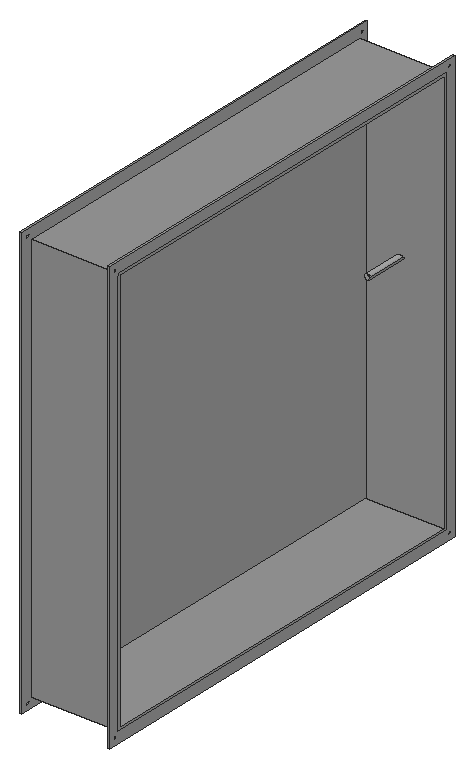
Revit family "КПДУ", category Арматура воздуховодов, Revit 2021
Family settings
  Размер круглого соединителя = Использовать диаметр
  Тип детали = Присоединяется
  На основе рабочей плоскости = Нет
  Всегда вертикально = Да
  При загрузке вырезать с полостями = Нет
  Общий = Нет
Parameters (values of type "КПДУ-950х950-2-ПВ24-СН")
  Размещение привода (снаружи) = yes
  Размещение привода (внутри) = no
  Отметка по умолчанию = 0 mm
  Количество створок = "4"
  Два фланца = yes
  Hn = H + 10 mm  # 960 mm
  H3 = H / 2 - 100 mm  # 375 mm
  H2 = 1010 mm
  Вес = "30.8 кг"
  H1 = 980 mm
  Bn = B + 10 mm  # 960 mm
  B3 = B1 / 2  # 490 mm
  B2 = 1010 mm
  Voltage = 24 V
  Power = 18 VA
  Maximum Air Flow = 0.0 L/s
  Maintenance zone material = none
  Load Classification = "HVAC"
  H = 950 mm
  Grid Material = Cover Grid Cross
  B1 = 980 mm
  B = 950 mm
  Air Flow [instance] = 0.0 L/s
  09_System_Name [instance] = ""
  00_20_Type = "КПДУ-950х950-2-ПВ24-СН"
  00_20_Name = "Клапан протипожежний димовий"
  00_20_Manufacturer = "Вентс"  # constant formula
Types (185, lengths in mm): name | Размещение привода (снаружи) | Размещение привода (внутри) | Количество створок | Два фланца | Hn | H3 | H2 | Вес | H1 | Bn | B3 | B2 | Voltage | Power | H | B1 | B | 00_20_Type
  (no name) | yes | no | "4" | yes | 960 | 375 | 1010 | "30.8 кг" | 980 | 960 | 490 | 1010 | 24 V | 18 VA | 950 | 980 | 950 | "КПДУ-950х950-2-ПВ24-СН"
  КПДУ-300х300-2-ПВ24-СН | yes | no | "1" | yes | 310 | 50 | 340 | "6.5 кг" | 320 | 310 | 160 | 340 | 24 V | 9 VA | 300 | 320 | 300 | "КПДУ-300х300-2-ПВ24-СН"
  КПДУ-1400х1400-2-ПВ24-СН | yes | no | "5" | yes | 1410 | 600 | 1460 | "52 кг" | 1430 | 1410 | 715 | 1460 | 24 V | 18 VA | 1400 | 1430 | 1400 | "КПДУ-1400х1400-2-ПВ24-СН"
  КПДУ-300х300-1-ПВ24-СН | yes | no | "1" | no | 310 | 50 | 340 | "6.5 кг" | 320 | 310 | 160 | 340 | 24 V | 9 VA | 300 | 320 | 300 | "КПДУ-300х300-1-ПВ24-СН"
  КПДУ-1400х1400-1-ПВ24-СН | yes | no | "5" | no | 1410 | 600 | 1460 | "52 кг" | 1430 | 1410 | 715 | 1460 | 24 V | 18 VA | 1400 | 1430 | 1400 | "КПДУ-1400х1400-1-ПВ24-СН"
  КПДУ-300х300-1-ПВ24-ВН | no | yes | "1" | no | 310 | 50 | 340 | "6.5 кг" | 320 | 310 | 160 | 340 | 24 V | 9 VA | 300 | 320 | 300 | "КПДУ-300х300-1-ПВ24-ВН"
  КПДУ-300х300-2-ПВ24-ВН | no | yes | "1" | yes | 310 | 50 | 340 | "6.5 кг" | 320 | 310 | 160 | 340 | 24 V | 9 VA | 300 | 320 | 300 | "КПДУ-300х300-2-ПВ24-ВН"
  КПДУ-1400х1400-1-ПВ24-ВН | no | yes | "5" | no | 1410 | 600 | 1460 | "52 кг" | 1430 | 1410 | 715 | 1460 | 24 V | 18 VA | 1400 | 1430 | 1400 | "КПДУ-1400х1400-1-ПВ24-ВН"
  КПДУ-1400х1400-2-ПВ24-ВН | no | yes | "5" | yes | 1410 | 600 | 1460 | "52 кг" | 1430 | 1410 | 715 | 1460 | 24 V | 18 VA | 1400 | 1430 | 1400 | "КПДУ-1400х1400-2-ПВ24-ВН"
  КПДУ-300х300-1-ПВ230-ВН | no | yes | "1" | no | 310 | 50 | 340 | "6.5 кг" | 320 | 310 | 160 | 340 | 230 V | 12 VA | 300 | 320 | 300 | "КПДУ-300х300-1-ПВ230-ВН"
  КПДУ-300х300-1-ПВ230-СН | yes | no | "1" | no | 310 | 50 | 340 | "6.5 кг" | 320 | 310 | 160 | 340 | 230 V | 12 VA | 300 | 320 | 300 | "КПДУ-300х300-1-ПВ230-СН"
  КПДУ-300х300-2-ПВ230-ВН | no | yes | "1" | yes | 310 | 50 | 340 | "6.5 кг" | 320 | 310 | 160 | 340 | 230 V | 12 VA | 300 | 320 | 300 | "КПД-300х300-2-ПВ230-ВН"
  КПДУ-300х300-2-ПВ230-СН | yes | no | "1" | yes | 310 | 50 | 340 | "6.5 кг" | 320 | 310 | 160 | 340 | 230 V | 12 VA | 300 | 320 | 300 | "КПДУ-300х300-2-ПВ230-СН"
  КПДУ-1400х1400-1-ПВ230-ВН | no | yes | "5" | no | 1410 | 600 | 1460 | "52 кг" | 1430 | 1410 | 715 | 1460 | 230 V | 15 VA | 1400 | 1430 | 1400 | "КПДУ-1400х1400-1-ПВ230-ВН"
  КПДУ-1400х1400-1-ПВ230-СН | yes | no | "5" | no | 1410 | 600 | 1460 | "52 кг" | 1430 | 1410 | 715 | 1460 | 230 V | 15 VA | 1400 | 1430 | 1400 | "КПДУ-1400х1400-1-ПВ230-СН"
  КПДУ-1400х1400-2-ПВ230-ВН | no | yes | "5" | yes | 1410 | 600 | 1460 | "52 кг" | 1430 | 1410 | 715 | 1460 | 230 V | 15 VA | 1400 | 1430 | 1400 | "КПДУ-1400х1400-2-ПВ230-ВН"
  КПДУ-1400х1400-2-ПВ230-СН | yes | no | "5" | yes | 1410 | 600 | 1460 | "52 кг" | 1430 | 1410 | 715 | 1460 | 230 V | 15 VA | 1400 | 1430 | 1400 | "КПДУ-1400х1400-2-ПВ230-СН"
  КПДУ-350х350-1-ПВ230-ВН | no | yes | "1" | no | 360 | 75 | 390 | "7.8 кг" | 370 | 360 | 185 | 390 | 230 V | 12 VA | 350 | 370 | 350 | "КПДУ-350х350-1-ПВ230-ВН"
  КПДУ-350х350-1-ПВ230-СН | yes | no | "1" | no | 360 | 75 | 390 | "7.8 кг" | 370 | 360 | 185 | 390 | 230 V | 12 VA | 350 | 370 | 350 | "КПДУ-350х350-1-ПВ230-СН"
  КПДУ-350х350-1-ПВ24-ВН | no | yes | "1" | no | 360 | 75 | 390 | "7.8 кг" | 370 | 360 | 185 | 390 | 24 V | 9 VA | 350 | 370 | 350 | "КПДУ-350х350-1-ПВ24-ВН"
  КПДУ-350х350-1-ПВ24-СН | yes | no | "1" | no | 360 | 75 | 390 | "7.8 кг" | 370 | 360 | 185 | 390 | 24 V | 9 VA | 350 | 370 | 350 | "КПДУ-350х350-1-ПВ24-СН"
  КПДУ-350х350-2-ПВ230-ВН | no | yes | "1" | yes | 360 | 75 | 390 | "7.8 кг" | 370 | 360 | 185 | 390 | 230 V | 12 VA | 350 | 370 | 350 | "КПДУ-350х350-2-ПВ230-ВН"
  КПДУ-350х350-2-ПВ230-СН | yes | no | "1" | yes | 360 | 75 | 390 | "7.8 кг" | 370 | 360 | 185 | 390 | 230 V | 12 VA | 350 | 370 | 350 | "КПДУ-350х350-2-ПВ230-СН"
  КПДУ-350х350-2-ПВ24-ВН | no | yes | "1" | yes | 360 | 75 | 390 | "7.8 кг" | 370 | 360 | 185 | 390 | 24 V | 9 VA | 350 | 370 | 350 | "КПДУ-350х350-2-ПВ24-ВН"
  КПДУ-350х350-2-ПВ24-СН | yes | no | "1" | yes | 360 | 75 | 390 | "7.8 кг" | 370 | 360 | 185 | 390 | 24 V | 9 VA | 350 | 370 | 350 | "КПДУ-350х350-2-ПВ24-СН"
  КПДУ-400х400-1-ПВ230-ВН | no | yes | "2" | no | 410 | 100 | 440 | "9.5 кг" | 420 | 410 | 210 | 440 | 230 V | 12 VA | 400 | 420 | 400 | "КПДУ-400х400-1-ПВ230-ВН"
  КПДУ-400х400-1-ПВ230-СН | yes | no | "2" | no | 410 | 100 | 440 | "9.5 кг" | 420 | 410 | 210 | 440 | 230 V | 12 VA | 400 | 420 | 400 | "КПДУ-400х400-1-ПВ230-СН"
  КПДУ-400х400-1-ПВ24-СН | yes | no | "2" | no | 410 | 100 | 440 | "9.5 кг" | 420 | 410 | 210 | 440 | 24 V | 9 VA | 400 | 420 | 400 | "КПДУ-400х400-1-ПВ24-СН"
  КПДУ-400х400-1-ПВ24-ВН | no | yes | "2" | no | 410 | 100 | 440 | "9.5 кг" | 420 | 410 | 210 | 440 | 24 V | 9 VA | 400 | 420 | 400 | "КПДУ-400х400-1-ПВ24-ВН"
  КПДУ-400х400-2-ПВ230-ВН | no | yes | "2" | yes | 410 | 100 | 440 | "9.5 кг" | 420 | 410 | 210 | 440 | 230 V | 12 VA | 400 | 420 | 400 | "КПДУ-400х400-2-ПВ230-ВН"
  КПДУ-400х400-2-ПВ230-СН | yes | no | "2" | yes | 410 | 100 | 440 | "9.5 кг" | 420 | 410 | 210 | 440 | 230 V | 12 VA | 400 | 420 | 400 | "КПДУ-400х400-2-ПВ230-СН"
  КПДУ-400х400-2-ПВ24-ВН | no | yes | "2" | yes | 410 | 100 | 440 | "9.5 кг" | 420 | 410 | 210 | 440 | 24 V | 9 VA | 400 | 420 | 400 | "КПДУ-400х400-2-ПВ24-ВН"
  КПДУ-400х400-2-ПВ24-СН | yes | no | "2" | yes | 410 | 100 | 440 | "9.5 кг" | 420 | 410 | 210 | 440 | 24 V | 9 VA | 400 | 420 | 400 | "КПДУ-400х400-2-ПВ24-СН"
  КПДУ-450х450-1-ПВ230-ВН | no | yes | "2" | no | 460 | 125 | 490 | "11.3 кг" | 470 | 460 | 235 | 490 | 230 V | 12 VA | 450 | 470 | 450 | "КПДУ-450х450-1-ПВ230-ВН"
  КПДУ-450х450-1-ПВ230-СН | yes | no | "2" | no | 460 | 125 | 490 | "11.3 кг" | 470 | 460 | 235 | 490 | 230 V | 12 VA | 450 | 470 | 450 | "КПДУ-450х450-1-ПВ230-СН"
  КПДУ-450х450-1-ПВ24-ВН | no | yes | "2" | no | 460 | 125 | 490 | "11.3 кг" | 470 | 460 | 235 | 490 | 24 V | 9 VA | 450 | 470 | 450 | "КПДУ-450х450-1-ПВ24-ВН"
  КПДУ-450х450-1-ПВ24-СН | yes | no | "2" | no | 460 | 125 | 490 | "11.3 кг" | 470 | 460 | 235 | 490 | 24 V | 9 VA | 450 | 470 | 450 | "КПДУ-450х450-1-ПВ24-СН"
  КПДУ-450х450-2-ПВ230-ВН | no | yes | "2" | yes | 460 | 125 | 490 | "11.3 кг" | 470 | 460 | 235 | 490 | 230 V | 12 VA | 450 | 470 | 450 | "КПДУ-450х450-2-ПВ230-ВН"
  КПДУ-450х450-2-ПВ230-СН | yes | no | "2" | yes | 460 | 125 | 490 | "11.3 кг" | 470 | 460 | 235 | 490 | 230 V | 12 VA | 450 | 470 | 450 | "КПДУ-450х450-2-ПВ230-СН"
  КПДУ-450х450-2-ПВ24-ВН | no | yes | "2" | yes | 460 | 125 | 490 | "11.3 кг" | 470 | 460 | 235 | 490 | 24 V | 9 VA | 450 | 470 | 450 | "КПДУ-450х450-2-ПВ24-ВН"
  КПДУ-450х450-2-ПВ24-СН | yes | no | "2" | yes | 460 | 125 | 490 | "11.3 кг" | 470 | 460 | 235 | 490 | 24 V | 9 VA | 450 | 470 | 450 | "КПДУ-450х450-2-ПВ24-СН"
  КПДУ-500х500-1-ПВ230-ВН | no | yes | "2" | no | 510 | 150 | 540 | "12.1 кг" | 520 | 510 | 260 | 540 | 230 V | 12 VA | 500 | 520 | 500 | "КПДУ-500х500-1-ПВ230-ВН"
  КПДУ-500х500-1-ПВ230-СН | yes | no | "2" | no | 510 | 150 | 540 | "12.1 кг" | 520 | 510 | 260 | 540 | 230 V | 12 VA | 500 | 520 | 500 | "КПДУ-500х500-1-ПВ230-СН"
  КПДУ-500х500-1-ПВ24-ВН | no | yes | "2" | no | 510 | 150 | 540 | "12.1 кг" | 520 | 510 | 260 | 540 | 24 V | 9 VA | 500 | 520 | 500 | "КПДУ-500х500-1-ПВ24-ВН"
  КПДУ-500х500-1-ПВ24-СН | yes | no | "2" | no | 510 | 150 | 540 | "12.1 кг" | 520 | 510 | 260 | 540 | 24 V | 9 VA | 500 | 520 | 500 | "КПДУ-500х500-1-ПВ24-СН"
  КПДУ-500х500-2-ПВ230-ВН | no | yes | "2" | yes | 510 | 150 | 540 | "12.1 кг" | 520 | 510 | 260 | 540 | 230 V | 12 VA | 500 | 520 | 500 | "КПДУ-500х500-2-ПВ230-ВН"
  КПДУ-500х500-2-ПВ230-СН | yes | no | "2" | yes | 510 | 150 | 540 | "12.1 кг" | 520 | 510 | 260 | 540 | 230 V | 12 VA | 500 | 520 | 500 | "КПДУ-500х500-2-ПВ230-СН"
  КПДУ-500х500-2-ПВ24-ВН | no | yes | "2" | yes | 510 | 150 | 540 | "12.1 кг" | 520 | 510 | 260 | 540 | 24 V | 9 VA | 500 | 520 | 500 | "КПДУ-500х500-2-ПВ24-ВН"
  КПДУ-500х500-2-ПВ24-СН | yes | no | "2" | yes | 510 | 150 | 540 | "12.1 кг" | 520 | 510 | 260 | 540 | 24 V | 9 VA | 500 | 520 | 500 | "КПДУ-500х500-2-ПВ24-СН"
  КПДУ-550х550-1-ПВ230-ВН | no | yes | "2" | no | 560 | 175 | 610 | "14.2 кг" | 580 | 560 | 290 | 610 | 230 V | 15 VA | 550 | 580 | 550 | "КПДУ-550х550-1-ПВ230-ВН"
  КПДУ-550х550-1-ПВ230-СН | yes | no | "2" | no | 560 | 175 | 610 | "14.2 кг" | 580 | 560 | 290 | 610 | 230 V | 15 VA | 550 | 580 | 550 | "КПДУ-550х550-1-ПВ230-СН"
  КПДУ-550х550-1-ПВ24-ВН | no | yes | "2" | no | 560 | 175 | 610 | "14.2 кг" | 580 | 560 | 290 | 610 | 24 V | 18 VA | 550 | 580 | 550 | "КПДУ-550х550-1-ПВ24-ВН"
  КПДУ-550х550-1-ПВ24-СН | yes | no | "2" | no | 560 | 175 | 610 | "14.2 кг" | 580 | 560 | 290 | 610 | 24 V | 18 VA | 550 | 580 | 550 | "КПДУ-550х550-1-ПВ24-СН"
  КПДУ-550х550-2-ПВ230-ВН | no | yes | "2" | yes | 560 | 175 | 610 | "14.2 кг" | 580 | 560 | 290 | 610 | 230 V | 15 VA | 550 | 580 | 550 | "КПДУ-550х550-2-ПВ230-ВН"
  КПДУ-550х550-2-ПВ230-СН | yes | no | "У" | yes | 560 | 175 | 610 | "14.2 кг" | 580 | 560 | 290 | 610 | 230 V | 15 VA | 550 | 580 | 550 | "КПДУ-550х550-2-ПВ230-СН"
  КПДУ-550х550-2-ПВ24-ВН | no | yes | "2" | yes | 560 | 175 | 610 | "14.2 кг" | 580 | 560 | 290 | 610 | 24 V | 18 VA | 550 | 580 | 550 | "КПДУ-550х550-2-ПВ24-ВН"
  КПДУ-550х550-2-ПВ24-СН | yes | no | "2" | yes | 560 | 175 | 610 | "14.2 кг" | 580 | 560 | 290 | 610 | 24 V | 18 VA | 550 | 580 | 550 | "КПДУ-550х550-2-ПВ24-СН"
  КПДУ-600х600-1-ПВ230-ВН | no | yes | "3" | no | 610 | 200 | 660 | "17 кг" | 630 | 610 | 315 | 660 | 230 V | 15 VA | 600 | 630 | 600 | "КПДУ-600х600-1-ПВ230-ВН"
  КПДУ-600х600-1-ПВ230-СН | yes | no | "3" | no | 610 | 200 | 660 | "17 кг" | 630 | 610 | 315 | 660 | 230 V | 15 VA | 600 | 630 | 600 | "КПДУ-600х600-1-ПВ230-СН"
  КПДУ-600х600-1-ПВ24-ВН | no | yes | "3" | no | 610 | 200 | 660 | "17 кг" | 630 | 610 | 315 | 660 | 24 V | 18 VA | 600 | 630 | 600 | "КПДУ-600х600-1-ПВ24-ВН"
  КПДУ-600х600-1-ПВ24-СН | yes | no | "3" | no | 610 | 200 | 660 | "17 кг" | 630 | 610 | 315 | 660 | 24 V | 18 VA | 600 | 630 | 600 | "КПДУ-600х600-1-ПВ24-СН"
  КПДУ-600х600-2-ПВ230-ВН | no | yes | "3" | yes | 610 | 200 | 660 | "17 кг" | 630 | 610 | 315 | 660 | 230 V | 15 VA | 600 | 630 | 600 | "КПДУ-600х600-2-ПВ230-ВН"
  КПДУ-600х600-2-ПВ230-СН | yes | no | "3" | yes | 610 | 200 | 660 | "17 кг" | 630 | 610 | 315 | 660 | 230 V | 15 VA | 600 | 630 | 600 | "КПДУ-600х600-2-ПВ230-СН"
  КПДУ-600х600-2-ПВ24-ВН | no | yes | "3" | yes | 610 | 200 | 660 | "17 кг" | 630 | 610 | 315 | 660 | 24 V | 18 VA | 600 | 630 | 600 | "КПДУ-600х600-2-ПВ24-ВН"
  КПДУ-600х600-2-ПВ24-СН | yes | no | "3" | yes | 610 | 200 | 660 | "17 кг" | 630 | 610 | 315 | 660 | 24 V | 18 VA | 600 | 630 | 600 | "КПДУ-600х600-2-ПВ24-СН"
  КПДУ-650х650-1-ПВ230-ВН | no | yes | "3" | no | 660 | 225 | 710 | "19 кг" | 680 | 660 | 340 | 710 | 230 V | 15 VA | 650 | 680 | 650 | "КПДУ-650х650-1-ПВ230-ВН"
  КПДУ-650х650-1-ПВ230-СН | yes | no | "3" | no | 660 | 225 | 710 | "19 кг" | 680 | 660 | 340 | 710 | 230 V | 15 VA | 650 | 680 | 650 | "КПДУ-650х650-1-ПВ230-СН"
  КПДУ-650х650-1-ПВ24-ВН | no | yes | "3" | no | 660 | 225 | 710 | "19 кг" | 680 | 660 | 340 | 710 | 24 V | 18 VA | 650 | 680 | 650 | "КПДУ-650х650-1-ПВ24-ВН"
  КПДУ-650х650-1-ПВ24-СН | yes | no | "3" | no | 660 | 225 | 710 | "19 кг" | 680 | 660 | 340 | 710 | 24 V | 18 VA | 650 | 680 | 650 | "КПДУ-650х650-1-ПВ24-СН"
  КПДУ-650х650-2-ПВ230-ВН | no | yes | "3" | yes | 660 | 225 | 710 | "19 кг" | 680 | 660 | 340 | 710 | 230 V | 15 VA | 650 | 680 | 650 | "КПДУ-650х650-2-ПВ230-ВН"
  КПДУ-650х650-2-ПВ230-СН | yes | no | "3" | yes | 660 | 225 | 710 | "19 кг" | 680 | 660 | 340 | 710 | 230 V | 15 VA | 650 | 680 | 650 | "КПДУ-650х650-2-ПВ230-СН"
  КПДУ-650х650-2-ПВ24-ВН | no | yes | "3" | yes | 660 | 225 | 710 | "19 кг" | 680 | 660 | 340 | 710 | 24 V | 18 VA | 650 | 680 | 650 | "КПДУ-650х650-2-ПВ24-ВН"
  КПДУ-650х650-2-ПВ24-СН | yes | no | "3" | yes | 660 | 225 | 710 | "19 кг" | 680 | 660 | 340 | 710 | 24 V | 18 VA | 650 | 680 | 650 | "КПДУ-650х650-2-ПВ24-СН"
  КПДУ-700х700-1-ПВ230-ВН | no | yes | "3" | no | 710 | 250 | 760 | "20.3 кг" | 730 | 710 | 365 | 760 | 230 V | 15 VA | 700 | 730 | 700 | "КПДУ-700х700-1-ПВ230-ВН"
  КПДУ-700х700-1-ПВ230-СН | yes | no | "3" | no | 710 | 250 | 760 | "20.3 кг" | 730 | 710 | 365 | 760 | 230 V | 15 VA | 700 | 730 | 700 | "КПДУ-700х700-1-ПВ230-СН"
  КПДУ-700х700-1-ПВ24-ВН | no | yes | "3" | no | 710 | 250 | 760 | "20.3 кг" | 730 | 710 | 365 | 760 | 24 V | 18 VA | 700 | 730 | 700 | "КПДУ-700х700-1-ПВ24-ВН"
  КПДУ-700х700-1-ПВ24-СН | yes | no | "3" | no | 710 | 250 | 760 | "20.3 кг" | 730 | 710 | 365 | 760 | 24 V | 18 VA | 700 | 730 | 700 | "КПДУ-700х700-1-ПВ24-СН"
  КПДУ-700х700-2-ПВ230-ВН | no | yes | "3" | yes | 710 | 250 | 760 | "20.3 кг" | 730 | 710 | 365 | 760 | 230 V | 15 VA | 700 | 730 | 700 | "КПДУ-700х700-2-ПВ230-ВН"
  КПДУ-700х700-2-ПВ230-СН | yes | no | "3" | yes | 710 | 250 | 760 | "20.3 кг" | 730 | 710 | 365 | 760 | 230 V | 15 VA | 700 | 730 | 700 | "КПДУ-700х700-2-ПВ230-СН"
  КПДУ-700х700-2-ПВ24-ВН | no | yes | "3" | yes | 710 | 250 | 760 | "20.3 кг" | 730 | 710 | 365 | 760 | 24 V | 18 VA | 700 | 730 | 700 | "КПДУ-700х700-2-ПВ24-ВН"
  КПДУ-700х700-2-ПВ24-СН | yes | no | "3" | yes | 710 | 250 | 760 | "20.3 кг" | 730 | 710 | 365 | 760 | 24 V | 18 VA | 700 | 730 | 700 | "КПДУ-700х700-2-ПВ24-СН"
  КПДУ-750х750-1-ПВ230-ВН | no | yes | "3" | no | 760 | 275 | 810 | "22.1 кг" | 780 | 760 | 390 | 810 | 230 V | 15 VA | 750 | 780 | 750 | "КПДУ-750х750-1-ПВ230-ВН"
  КПДУ-750х750-1-ПВ230-СН | yes | no | "3" | no | 760 | 275 | 810 | "22.1 кг" | 780 | 760 | 390 | 810 | 230 V | 15 VA | 750 | 780 | 750 | "КПДУ-750х750-1-ПВ230-СН"
  КПДУ-750х750-1-ПВ24-ВН | no | yes | "3" | no | 760 | 275 | 810 | "22.1 кг" | 780 | 760 | 390 | 810 | 24 V | 18 VA | 750 | 780 | 750 | "КПДУ-750х750-1-ПВ24-ВН"
  КПДУ-750х750-1-ПВ24-СН | yes | no | "3" | no | 760 | 275 | 810 | "22.1 кг" | 780 | 760 | 390 | 810 | 24 V | 18 VA | 750 | 780 | 750 | "КПДУ-750х750-1-ПВ24-СН"
  КПДУ-750х750-2-ПВ230-ВН | no | yes | "3" | yes | 760 | 275 | 810 | "22.1 кг" | 780 | 760 | 390 | 810 | 230 V | 15 VA | 750 | 780 | 750 | "КПДУ-750х750-2-ПВ230-ВН"
  КПДУ-750х750-2-ПВ230-СН | yes | no | "3" | yes | 760 | 275 | 810 | "22.1 кг" | 780 | 760 | 390 | 810 | 230 V | 15 VA | 750 | 780 | 750 | "КПДУ-750х750-2-ПВ230-СН"
  КПДУ-750х750-2-ПВ24-ВН | no | yes | "3" | yes | 760 | 275 | 810 | "22.1 кг" | 780 | 760 | 390 | 810 | 24 V | 18 VA | 750 | 780 | 750 | "КПДУ-750х750-2-ПВ24-ВН"
  КПДУ-750х750-2-ПВ24-СН | yes | no | "3" | yes | 760 | 275 | 810 | "22.1 кг" | 780 | 760 | 390 | 810 | 24 V | 18 VA | 750 | 780 | 750 | "КПДУ-750х750-2-ПВ24-СН"
  КПДУ-800х800-1-ПВ230-ВН | no | yes | "4" | no | 810 | 300 | 860 | "24.8 кг" | 830 | 810 | 415 | 860 | 230 V | 15 VA | 800 | 830 | 800 | "КПДУ-800х800-1-ПВ230-ВН"
  КПДУ-800х800-1-ПВ230-СН | yes | no | "4" | no | 810 | 300 | 860 | "24.8 кг" | 830 | 810 | 415 | 860 | 230 V | 15 VA | 800 | 830 | 800 | "КПДУ-800х800-1-ПВ230-СН"
  КПДУ-800х800-1-ПВ24-ВН | no | yes | "4" | no | 810 | 300 | 860 | "24.8 кг" | 830 | 810 | 415 | 860 | 24 V | 18 VA | 800 | 830 | 800 | "КПДУ-800х800-1-ПВ24-ВН"
  КПДУ-800х800-1-ПВ24-СН | yes | no | "4" | no | 810 | 300 | 860 | "24.8 кг" | 830 | 810 | 415 | 860 | 24 V | 18 VA | 800 | 830 | 800 | "КПДУ-800х800-1-ПВ24-СН"
  КПДУ-800х800-2-ПВ230-ВН | no | yes | "4" | yes | 810 | 300 | 860 | "24.8 кг" | 830 | 810 | 415 | 860 | 230 V | 15 VA | 800 | 830 | 800 | "КПДУ-800х800-2-ПВ230-ВН"
  КПДУ-800х800-2-ПВ230-СН | yes | no | "4" | yes | 810 | 300 | 860 | "24.8 кг" | 830 | 810 | 415 | 860 | 230 V | 15 VA | 800 | 830 | 800 | "КПДУ-800х800-2-ПВ230-СН"
  КПДУ-800х800-2-ПВ24-ВН | no | yes | "4" | yes | 810 | 300 | 860 | "24.8 кг" | 830 | 810 | 415 | 860 | 24 V | 18 VA | 800 | 830 | 800 | "КПДУ-800х800-2-ПВ24-ВН"
  КПДУ-800х800-2-ПВ24-СН | yes | no | "4" | yes | 810 | 300 | 860 | "24.8 кг" | 830 | 810 | 415 | 860 | 24 V | 18 VA | 800 | 830 | 800 | "КПДУ-800х800-2-ПВ24-СН"
  КПДУ-850х850-1-ПВ230-ВН | no | yes | "4" | no | 860 | 325 | 910 | "26.8 кг" | 880 | 860 | 440 | 910 | 230 V | 15 VA | 850 | 880 | 850 | "КПДУ-850х850-1-ПВ230-ВН"
  КПДУ-850х850-1-ПВ230-СН | yes | no | "4" | no | 860 | 325 | 910 | "26.8 кг" | 880 | 860 | 440 | 910 | 230 V | 15 VA | 850 | 880 | 850 | "КПДУ-850х850-1-ПВ230-СН"
  КПДУ-850х850-1-ПВ24-ВН | no | yes | "4" | no | 860 | 325 | 910 | "26.8 кг" | 880 | 860 | 440 | 910 | 24 V | 18 VA | 850 | 880 | 850 | "КПДУ-850х850-1-ПВ24-ВН"
  КПДУ-850х850-1-ПВ24-СН | yes | no | "4" | no | 860 | 325 | 910 | "26.8 кг" | 880 | 860 | 440 | 910 | 24 V | 18 VA | 850 | 880 | 850 | "КПДУ-850х850-1-ПВ24-СН"
  КПДУ-850х850-2-ПВ230-ВН | no | yes | "4" | yes | 860 | 325 | 910 | "26.8 кг" | 880 | 860 | 440 | 910 | 230 V | 15 VA | 850 | 880 | 850 | "КПДУ-850х850-2-ПВ230-ВН"
  КПДУ-850х850-2-ПВ230-СН | yes | no | "4" | yes | 860 | 325 | 910 | "26.8 кг" | 880 | 860 | 440 | 910 | 230 V | 15 VA | 850 | 880 | 850 | "КПДУ-850х850-2-ПВ230-СН"
  КПДУ-850х850-2-ПВ24-ВН | no | yes | "4" | yes | 860 | 325 | 910 | "26.8 кг" | 880 | 860 | 440 | 910 | 24 V | 18 VA | 850 | 880 | 850 | "КПДУ-850х850-2-ПВ24-ВН"
  КПДУ-850х850-2-ПВ24-СН | yes | no | "4" | yes | 860 | 325 | 910 | "26.8 кг" | 880 | 860 | 440 | 910 | 24 V | 18 VA | 850 | 880 | 850 | "КПДУ-850х850-2-ПВ24-СН"
  КПДУ-900х900-1-ПВ230-ВН | no | yes | "4" | no | 910 | 350 | 960 | "28.8 кг" | 930 | 910 | 465 | 960 | 230 V | 15 VA | 900 | 930 | 900 | "КПДУ-900х900-1-ПВ230-ВН"
  КПДУ-900х900-1-ПВ230-СН | yes | no | "4" | no | 910 | 350 | 960 | "28.8 кг" | 930 | 910 | 465 | 960 | 230 V | 15 VA | 900 | 930 | 900 | "КПДУ-900х900-1-ПВ230-СН"
  КПДУ-900х900-1-ПВ24-ВН | no | yes | "4" | no | 910 | 350 | 960 | "28.8 кг" | 930 | 910 | 465 | 960 | 24 V | 18 VA | 900 | 930 | 900 | "КПДУ-900х900-1-ПВ24-ВН"
  КПДУ-900х900-1-ПВ24-СН | yes | no | "4" | no | 910 | 350 | 960 | "28.8 кг" | 930 | 910 | 465 | 960 | 24 V | 18 VA | 900 | 930 | 900 | "КПДУ-900х900-1-ПВ24-СН"
  КПДУ-900х900-2-ПВ230-ВН | no | yes | "4" | yes | 910 | 350 | 960 | "28.8 кг" | 930 | 910 | 465 | 960 | 230 V | 15 VA | 900 | 930 | 900 | "КПДУ-900х900-2-ПВ230-ВН"
  КПДУ-900х900-2-ПВ230-СН | yes | no | "4" | yes | 910 | 350 | 960 | "28.8 кг" | 930 | 910 | 465 | 960 | 230 V | 15 VA | 900 | 930 | 900 | "КПДУ-900х900-2-ПВ230-СН"
  КПДУ-900х900-2-ПВ24-ВН | no | yes | "4" | yes | 910 | 350 | 960 | "28.8 кг" | 930 | 910 | 465 | 960 | 24 V | 18 VA | 900 | 930 | 900 | "КПДУ-900х900-2-ПВ24-ВН"
  КПДУ-900х900-2-ПВ24-СН | yes | no | "4" | yes | 910 | 350 | 960 | "28.8 кг" | 930 | 910 | 465 | 960 | 24 V | 18 VA | 900 | 930 | 900 | "КПДУ-900х900-2-ПВ24-СН"
  КПДУ-950х950-1-ПВ230-ВН | no | yes | "4" | no | 960 | 375 | 1010 | "30.8 кг" | 980 | 960 | 490 | 1010 | 230 V | 15 VA | 950 | 980 | 950 | "КПДУ-950х950-1-ПВ230-ВН"
  КПДУ-950х950-1-ПВ230-СН | yes | no | "4" | no | 960 | 375 | 1010 | "30.8 кг" | 980 | 960 | 490 | 1010 | 230 V | 15 VA | 950 | 980 | 950 | "КПДУ-950х950-1-ПВ230-СН"
  КПДУ-950х950-1-ПВ24-ВН | no | yes | "4" | no | 960 | 375 | 1010 | "30.8 кг" | 980 | 960 | 490 | 1010 | 24 V | 18 VA | 950 | 980 | 950 | "КПДУ-950х950-1-ПВ24-ВН"
  КПДУ-950х950-1-ПВ24-СН | yes | no | "4" | no | 960 | 375 | 1010 | "30.8 кг" | 980 | 960 | 490 | 1010 | 24 V | 18 VA | 950 | 980 | 950 | "КПДУ-950х950-1-ПВ24-СН"
  КПДУ-950х950-2-ПВ230-ВН | no | yes | "4" | yes | 960 | 375 | 1010 | "30.8 кг" | 980 | 960 | 490 | 1010 | 230 V | 15 VA | 950 | 980 | 950 | "КПДУ-950х950-2-ПВ230-ВН"
  КПДУ-950х950-2-ПВ230-СН | yes | no | "4" | yes | 960 | 375 | 1010 | "30.8 кг" | 980 | 960 | 490 | 1010 | 230 V | 15 VA | 950 | 980 | 950 | "КПДУ-950х950-2-ПВ230-СН"
  КПДУ-950х950-2-ПВ24-ВН | no | yes | "4" | yes | 960 | 375 | 1010 | "30.8 кг" | 980 | 960 | 490 | 1010 | 24 V | 18 VA | 950 | 980 | 950 | "КПДУ-950х950-2-ПВ24-ВН"
  КПДУ-950х950-2-ПВ24-СН | yes | no | "4" | yes | 960 | 375 | 1010 | "30.8 кг" | 980 | 960 | 490 | 1010 | 24 V | 18 VA | 950 | 980 | 950 | "КПДУ-950х950-2-ПВ24-СН"
  КПДУ-1000х1000-1-ПВ230-ВН | no | yes | "4" | no | 1010 | 400 | 1060 | "32.8 кг" | 1030 | 1010 | 515 | 1060 | 230 V | 15 VA | 1000 | 1030 | 1000 | "КПДУ-1000х1000-1-ПВ230-ВН"
  КПДУ-1000х1000-1-ПВ230-СН | yes | no | "4" | no | 1010 | 400 | 1060 | "32.8 кг" | 1030 | 1010 | 515 | 1060 | 230 V | 15 VA | 1000 | 1030 | 1000 | "КПДУ-1000х1000-1-ПВ230-СН"
  КПДУ-1000х1000-1-ПВ24-ВН | no | yes | "4" | no | 1010 | 400 | 1060 | "32.8 кг" | 1030 | 1010 | 515 | 1060 | 24 V | 18 VA | 1000 | 1030 | 1000 | "КПДУ1000х1000-1-ПВ24-ВН"
  КПДУ-1000х1000-1-ПВ24-СН | yes | no | "4" | no | 1010 | 400 | 1060 | "32.8 кг" | 1030 | 1010 | 515 | 1060 | 24 V | 18 VA | 1000 | 1030 | 1000 | "КПДУ-1000х1000-1-ПВ24-СН"
  КПДУ-1000х1000-2-ПВ230-ВН | no | yes | "4" | yes | 1010 | 400 | 1060 | "32.8 кг" | 1030 | 1010 | 515 | 1060 | 230 V | 15 VA | 1000 | 1030 | 1000 | "КПДУ-1000х1000-2-ПВ230-ВН"
  КПДУ-1000х1000-2-ПВ230-СН | yes | no | "4" | yes | 1010 | 400 | 1060 | "32.8 кг" | 1030 | 1010 | 515 | 1060 | 230 V | 15 VA | 1000 | 1030 | 1000 | "КПДУ-1000х1000-2-ПВ230-СН"
  КПДУ-1000х1000-2-ПВ24-ВН | no | yes | "4" | yes | 1010 | 400 | 1060 | "32.8 кг" | 1030 | 1010 | 515 | 1060 | 24 V | 18 VA | 1000 | 1030 | 1000 | "КПДУ-1000х1000-2-ПВ24-ВН"
  КПДУ-1000х1000-2-ПВ24-СН | yes | no | "4" | yes | 1010 | 400 | 1060 | "32.8 кг" | 1030 | 1010 | 515 | 1060 | 24 V | 18 VA | 1000 | 1030 | 1000 | "КПДУ-1000х1000-2-ПВ24-СН"
  КПДУ-1050х1050-1-ПВ230-ВН | no | yes | "4" | no | 1060 | 425 | 1110 | "34.8 кг" | 1080 | 1060 | 540 | 1110 | 230 V | 15 VA | 1050 | 1080 | 1050 | "КПДУ-1050х1050-1-ПВ230-ВН"
  КПДУ-1050х1050-1-ПВ230-СН | yes | no | "4" | no | 1060 | 425 | 1110 | "34.8 кг" | 1080 | 1060 | 540 | 1110 | 230 V | 15 VA | 1050 | 1080 | 1050 | "КПДУ-1050х1050-1-ПВ230-СН"
  КПДУ-1050х1050-1-ПВ24-ВН | no | yes | "4" | no | 1060 | 425 | 1110 | "34.8 кг" | 1080 | 1060 | 540 | 1110 | 24 V | 18 VA | 1050 | 1080 | 1050 | "КПДУ-1050х1050-1-ПВ24-ВН"
  КПДУ-1050х1050-1-ПВ24-СН | yes | no | "4" | no | 1060 | 425 | 1110 | "34.8 кг" | 1080 | 1060 | 540 | 1110 | 24 V | 18 VA | 1050 | 1080 | 1050 | "КПДУ-1050х1050-1-ПВ24-СН"
  КПДУ-1050х1050-2-ПВ230-ВН | no | yes | "4" | yes | 1060 | 425 | 1110 | "34.8 кг" | 1080 | 1060 | 540 | 1110 | 230 V | 15 VA | 1050 | 1080 | 1050 | "КПДУ-1050х1050-2-ПВ230-ВН"
  КПДУ-1050х1050-2-ПВ230-СН | yes | no | "4" | yes | 1060 | 425 | 1110 | "34.8 кг" | 1080 | 1060 | 540 | 1110 | 230 V | 15 VA | 1050 | 1080 | 1050 | "КПДУ-1050х1050-2-ПВ230-СН"
  КПДУ-1050х1050-2-ПВ24-ВН | no | yes | "4" | yes | 1060 | 425 | 1110 | "34.8 кг" | 1080 | 1060 | 540 | 1110 | 24 V | 18 VA | 1050 | 1080 | 1050 | "КПДУ-1050х1050-2-ПВ24-ВН"
  КПДУ-1050х1050-2-ПВ24-СН | yes | no | "4" | yes | 1060 | 425 | 1110 | "34.8 кг" | 1080 | 1060 | 540 | 1110 | 24 V | 18 VA | 1050 | 1080 | 1050 | "КПДУ-1050х1050-2-ПВ24-СН"
  КПДУ-1100х1100-1-ПВ230-ВН | no | yes | "4" | no | 1110 | 450 | 1160 | "36.8 кг" | 1130 | 1110 | 565 | 1160 | 230 V | 15 VA | 1100 | 1130 | 1100 | "КПДУ-1100х1100-1-ПВ230-ВН"
  КПДУ-1100х1100-1-ПВ230-СН | yes | no | "4" | no | 1110 | 450 | 1160 | "36.8 кг" | 1130 | 1110 | 565 | 1160 | 230 V | 15 VA | 1100 | 1130 | 1100 | "КПДУ-1100х1100-1-ПВ230-СН"
  КПДУ-1100х1100-1-ПВ24-ВН | no | yes | "4" | no | 1110 | 450 | 1160 | "36.8 кг" | 1130 | 1110 | 565 | 1160 | 24 V | 18 VA | 1100 | 1130 | 1100 | "КПДУ-1100х1100-1-ПВ24-ВН"
  КПДУ-1100х1100-1-ПВ24-СН | yes | no | "4" | no | 1110 | 450 | 1160 | "36.8 кг" | 1130 | 1110 | 565 | 1160 | 24 V | 18 VA | 1100 | 1130 | 1100 | "КПДУ-1100х1100-1-ПВ24-СН"
  КПДУ-1100х1100-2-ПВ230-ВН | no | yes | "4" | yes | 1110 | 450 | 1160 | "36.8 кг" | 1130 | 1110 | 565 | 1160 | 230 V | 15 VA | 1100 | 1130 | 1100 | "КПДУ-1100х1100-2-ПВ230-ВН"
  КПДУ-1100х1100-2-ПВ230-СН | yes | no | "4" | yes | 1110 | 450 | 1160 | "36.8 кг" | 1130 | 1110 | 565 | 1160 | 230 V | 15 VA | 1100 | 1130 | 1100 | "КПДУ-1100х1100-2-ПВ230-СН"
  КПДУ-1100х1100-2-ПВ24-ВН | no | yes | "4" | yes | 1110 | 450 | 1160 | "36.8 кг" | 1130 | 1110 | 565 | 1160 | 24 V | 18 VA | 1100 | 1130 | 1100 | "КПДУ-1100х1100-2-ПВ24-ВН"
  КПДУ-1100х1100-2-ПВ24-СН | yes | no | "4" | yes | 1110 | 450 | 1160 | "36.8 кг" | 1130 | 1110 | 565 | 1160 | 24 V | 18 VA | 1100 | 1130 | 1100 | "КПДУ-1100х1100-2-ПВ24-СН"
  КПДУ-1150х1150-1-ПВ230-ВН | no | yes | "4" | no | 1160 | 475 | 1210 | "38.8 кг" | 1180 | 1160 | 590 | 1210 | 230 V | 15 VA | 1150 | 1180 | 1150 | "КПДУ-1150х1150-1-ПВ230-ВН"
  КПДУ-1150х1150-1-ПВ230-СН | yes | no | "4" | no | 1160 | 475 | 1210 | "38.8 кг" | 1180 | 1160 | 590 | 1210 | 230 V | 15 VA | 1150 | 1180 | 1150 | "КПДУ-1150х1150-1-ПВ230-СН"
  КПДУ-1150х1150-1-ПВ24-ВН | no | yes | "4" | no | 1160 | 475 | 1210 | "38.8 кг" | 1180 | 1160 | 590 | 1210 | 24 V | 18 VA | 1150 | 1180 | 1150 | "КПДУ-1150х1150-1-ПВ24-ВН"
  КПДУ-1150х1150-1-ПВ24-СН | yes | no | "4" | no | 1160 | 475 | 1210 | "38.8 кг" | 1180 | 1160 | 590 | 1210 | 24 V | 18 VA | 1150 | 1180 | 1150 | "КПДУ-1150х1150-1-ПВ24-СН"
  КПДУ-1150х1150-2-ПВ230-ВН | no | yes | "4" | yes | 1160 | 475 | 1210 | "38.8 кг" | 1180 | 1160 | 590 | 1210 | 230 V | 15 VA | 1150 | 1180 | 1150 | "КПДУ-1150х1150-2-ПВ230-ВН"
  КПДУ-1150х1150-2-ПВ230-СН | yes | no | "4" | yes | 1160 | 475 | 1210 | "38.8 кг" | 1180 | 1160 | 590 | 1210 | 230 V | 15 VA | 1150 | 1180 | 1150 | "КПДУ-1150х1150-2-ПВ230-СН"
  КПДУ-1150х1150-2-ПВ24-ВН | no | yes | "4" | yes | 1160 | 475 | 1210 | "38.8 кг" | 1180 | 1160 | 590 | 1210 | 24 V | 18 VA | 1150 | 1180 | 1150 | "КПДУ-1150х1150-2-ПВ24-ВН"
  КПДУ-1150х1150-2-ПВ24-СН | yes | no | "4" | yes | 1160 | 475 | 1210 | "38.8 кг" | 1180 | 1160 | 590 | 1210 | 24 V | 18 VA | 1150 | 1180 | 1150 | "КПДУ-1150х1150-2-ПВ24-СН"
  КПДУ-1200х1200-1-ПВ230-ВН | no | yes | "4" | no | 1210 | 500 | 1260 | "40.8 кг" | 1230 | 1210 | 615 | 1260 | 230 V | 15 VA | 1200 | 1230 | 1200 | "КПДУ-1200х1200-1-ПВ230-ВН"
  КПДУ-1200х1200-1-ПВ230-СН | yes | no | "4" | no | 1210 | 500 | 1260 | "40.8 кг" | 1230 | 1210 | 615 | 1260 | 230 V | 15 VA | 1200 | 1230 | 1200 | "КПДУ-1200х1200-1-ПВ230-СН"
  КПДУ-1200х1200-1-ПВ24-ВН | no | yes | "4" | no | 1210 | 500 | 1260 | "40.8 кг" | 1230 | 1210 | 615 | 1260 | 24 V | 18 VA | 1200 | 1230 | 1200 | "КПДУ-1200х1200-1-ПВ24-ВН"
  КПДУ-1200х1200-1-ПВ24-СН | yes | no | "4" | no | 1210 | 500 | 1260 | "40.8 кг" | 1230 | 1210 | 615 | 1260 | 24 V | 18 VA | 1200 | 1230 | 1200 | "КПДУ-1200х1200-1-ПВ24-СН"
  КПДУ-1200х1200-2-ПВ230-ВН | no | yes | "4" | yes | 1210 | 500 | 1260 | "40.8 кг" | 1230 | 1210 | 615 | 1260 | 230 V | 15 VA | 1200 | 1230 | 1200 | "КПДУ-1200х1200-2-ПВ230-ВН"
  КПДУ-1200х1200-2-ПВ230-СН | yes | no | "4" | yes | 1210 | 500 | 1260 | "40.8 кг" | 1230 | 1210 | 615 | 1260 | 230 V | 15 VA | 1200 | 1230 | 1200 | "КПДУ-1200х1200-2-ПВ230-СН"
  КПДУ-1200х1200-2-ПВ24-ВН | no | yes | "4" | yes | 1210 | 500 | 1260 | "40.8 кг" | 1230 | 1210 | 615 | 1260 | 24 V | 18 VA | 1200 | 1230 | 1200 | "КПДУ-1200х1200-2-ПВ24-ВН"
  КПДУ-1200х1200-2-ПВ24-СН | yes | no | "4" | yes | 1210 | 500 | 1260 | "40.8 кг" | 1230 | 1210 | 615 | 1260 | 24 V | 18 VA | 1200 | 1230 | 1200 | "КПДУ-1200х1200-2-ПВ24-СН"
  КПДУ-1250х1250-1-ПВ230-ВН | no | yes | "4" | no | 1260 | 525 | 1310 | "42.8 кг" | 1280 | 1260 | 640 | 1310 | 230 V | 15 VA | 1250 | 1280 | 1250 | "КПДУ-1250х1250-1-ПВ230-ВН"
  КПДУ-1250х1250-1-ПВ230-СН | yes | no | "4" | no | 1260 | 525 | 1310 | "42.8 кг" | 1280 | 1260 | 640 | 1310 | 230 V | 15 VA | 1250 | 1280 | 1250 | "КПДУ-1250х1250-1-ПВ230-СН"
  КПДУ-1250х1250-1-ПВ24-ВН | no | yes | "4" | no | 1260 | 525 | 1310 | "42.8 кг" | 1280 | 1260 | 640 | 1310 | 24 V | 18 VA | 1250 | 1280 | 1250 | "КПДУ-1250х1250-1-ПВ24-ВН"
  КПДУ-1250х1250-1-ПВ24-СН | yes | no | "4" | no | 1260 | 525 | 1310 | "42.8 кг" | 1280 | 1260 | 640 | 1310 | 24 V | 18 VA | 1250 | 1280 | 1250 | "КПДУ-1250х1250-1-ПВ24-СН"
  КПДУ-1250х1250-2-ПВ230-ВН | no | yes | "4" | yes | 1260 | 525 | 1310 | "42.8 кг" | 1280 | 1260 | 640 | 1310 | 230 V | 15 VA | 1250 | 1280 | 1250 | "КПДУ-1250х1250-2-ПВ230-ВН"
  КПДУ-1250х1250-2-ПВ230-СН | yes | no | "4" | yes | 1260 | 525 | 1310 | "42.8 кг" | 1280 | 1260 | 640 | 1310 | 230 V | 15 VA | 1250 | 1280 | 1250 | "КПДУ-1250х1250-2-ПВ230-СН"
  КПДУ-1250х1250-2-ПВ24-ВН | no | yes | "4" | yes | 1260 | 525 | 1310 | "42.8 кг" | 1280 | 1260 | 640 | 1310 | 24 V | 18 VA | 1250 | 1280 | 1250 | "КПДУ-1250х1250-2-ПВ24-ВН"
  КПДУ-1250х1250-2-ПВ24-СН | yes | no | "4" | yes | 1260 | 525 | 1310 | "42.8 кг" | 1280 | 1260 | 640 | 1310 | 24 V | 18 VA | 1250 | 1280 | 1250 | "КПДУ-1250х1250-2-ПВ24-СН"
  КПДУ-1300х1300-1-ПВ230-ВН | no | yes | "5" | no | 1310 | 550 | 1360 | "46 кг" | 1330 | 1310 | 665 | 1360 | 230 V | 15 VA | 1300 | 1330 | 1300 | "КПДУ-1300х1300-1-ПВ230-ВН"
  КПДУ-1300х1300-1-ПВ230-СН | yes | no | "5" | no | 1310 | 550 | 1360 | "46 кг" | 1330 | 1310 | 665 | 1360 | 230 V | 15 VA | 1300 | 1330 | 1300 | "КПДУ-1300х1300-1-ПВ230-СН"
  КПДУ-1300х1300-1-ПВ24-ВН | no | yes | "5" | no | 1310 | 550 | 1360 | "46 кг" | 1330 | 1310 | 665 | 1360 | 24 V | 18 VA | 1300 | 1330 | 1300 | "КПДУ-1300х1300-1-ПВ24-ВН"
  КПДУ-1300х1300-1-ПВ24-СН | yes | no | "5" | no | 1310 | 550 | 1360 | "46 кг" | 1330 | 1310 | 665 | 1360 | 24 V | 18 VA | 1300 | 1330 | 1300 | "КПДУ-1300х1300-1-ПВ24-СН"
  КПДУ-1300х1300-2-ПВ230-ВН | no | yes | "5" | yes | 1310 | 550 | 1360 | "46 кг" | 1330 | 1310 | 665 | 1360 | 230 V | 15 VA | 1300 | 1330 | 1300 | "КПДУ-1300х1300-2-ПВ230-ВН"
  КПДУ-1300х1300-2-ПВ230-СН | yes | no | "5" | yes | 1310 | 550 | 1360 | "46 кг" | 1330 | 1310 | 665 | 1360 | 230 V | 15 VA | 1300 | 1330 | 1300 | "КПДУ-1300х1300-2-ПВ230-СН"
  КПДУ-1300х1300-2-ПВ24-ВН | no | yes | "5" | yes | 1310 | 550 | 1360 | "46 кг" | 1330 | 1310 | 665 | 1360 | 24 V | 18 VA | 1300 | 1330 | 1300 | "КПДУ-1300х1300-2-ПВ24-ВН"
  КПДУ-1300х1300-2-ПВ24-СН | yes | no | "5" | yes | 1310 | 550 | 1360 | "46 кг" | 1330 | 1310 | 665 | 1360 | 24 V | 18 VA | 1300 | 1330 | 1300 | "КПДУ-1300х1300-2-ПВ24-СН"
  КПДУ-1350х1350-1-ПВ230-ВН | no | yes | "5" | no | 1360 | 575 | 1410 | "49 кг" | 1380 | 1360 | 690 | 1410 | 230 V | 15 VA | 1350 | 1380 | 1350 | "КПДУ-1350х1350-1-ПВ230-ВН"
  КПДУ-1350х1350-1-ПВ230-СН | yes | no | "5" | no | 1360 | 575 | 1410 | "49 кг" | 1380 | 1360 | 690 | 1410 | 230 V | 15 VA | 1350 | 1380 | 1350 | "КПДУ-1350х1350-1-ПВ230-СН"
  КПДУ-1350х1350-1-ПВ24-ВН | no | yes | "5" | no | 1360 | 575 | 1410 | "49 кг" | 1380 | 1360 | 690 | 1410 | 24 V | 18 VA | 1350 | 1380 | 1350 | "КПДУ-1350х1350-1-ПВ24-ВН"
  КПДУ-1350х1350-1-ПВ24-СН | yes | no | "5" | no | 1360 | 575 | 1410 | "49 кг" | 1380 | 1360 | 690 | 1410 | 24 V | 18 VA | 1350 | 1380 | 1350 | "КПДУ-1350х1350-1-ПВ24-СН"
  КПДУ-1350х1350-2-ПВ230-ВН | no | yes | "5" | yes | 1360 | 575 | 1410 | "49 кг" | 1380 | 1360 | 690 | 1410 | 230 V | 15 VA | 1350 | 1380 | 1350 | "КПДУ-1350х1350-2-ПВ230-ВН"
  КПДУ-1350х1350-2-ПВ230-СН | yes | no | "5" | yes | 1360 | 575 | 1410 | "49 кг" | 1380 | 1360 | 690 | 1410 | 230 V | 15 VA | 1350 | 1380 | 1350 | "КПДУ-1350х1350-2-ПВ230-СН"
  КПДУ-1350х1350-2-ПВ24-ВН | no | yes | "5" | yes | 1360 | 575 | 1410 | "49 кг" | 1380 | 1360 | 690 | 1410 | 24 V | 18 VA | 1350 | 1380 | 1350 | "КПДУ-1350х1350-2-ПВ24-ВН"
  КПДУ-1350х1350-2-ПВ24-СН | yes | no | "5" | yes | 1360 | 575 | 1410 | "49 кг" | 1380 | 1360 | 690 | 1410 | 24 V | 18 VA | 1350 | 1380 | 1350 | "КПДУ-1350х1350-2-ПВ24-СН"
Reference planes
  plane 1 "По центру (Вперед/Назад)": y = 0
  plane 2: z = 0
  plane 3 "По центру (Влево/Вправо)": x = 0
  plane 4: z = 490
  plane 5: z = -490
  plane 6: y = 490
  plane 7: y = -490
Forms (mm)
  Extrusion 1, solid, material "Сталь, гальванизированная", visible <- "Два фланца"
    sketch origin (0, 0, 0) x (0, 1, 0) y (0, 0, 1)
      loop
        line (480, -480) -> (480, 480) -> (-480, 480) -> (-480, -480) -> (480, -480)
      loop
        line (505, -505) -> (505, 505) -> (-505, 505) -> (-505, -505) -> (505, -505)
      loop
        circle (490, 490) r 4.25
      loop
        circle (-490, 490) r 4.25
      loop
        circle (-490, -490) r 4.25
      loop
        circle (490, -490) r 4.25
    from 100 to 105
  Extrusion 2, solid, material "Сталь, гальванизированная"
    sketch origin (0, 0, 0) x (0, 1, 0) y (0, 0, 1)
      loop
        line (475, -475) -> (475, 475) -> (-475, 475) -> (-475, -475) -> (475, -475)
      loop
        line (505, -505) -> (505, 505) -> (-505, 505) -> (-505, -505) -> (505, -505)
      loop
        circle (490, -490) r 4.25
      loop
        circle (-490, -490) r 4.25
      loop
        circle (-490, 490) r 4.25
      loop
        circle (490, 490) r 4.25
    from -100 to -105
  Extrusion 3, solid, material "Сталь, гальванизированная"
    sketch origin (0, 0, 0) x (0, 1, 0) y (0, 0, 1)
      loop
        line (475, -475) -> (475, 475) -> (-475, 475) -> (-475, -475) -> (475, -475)
      loop
        line (480, -480) -> (480, 480) -> (-480, 480) -> (-480, -480) -> (480, -480)
    from -100 to 105
  Extrusion 4, solid, material "Сталь, гальванизированная"
    sketch origin (0, 0, 0) x (0, 1, 0) y (0, 0, 1)
      loop
        line (475, -475) -> (475, 475) -> (-475, 475) -> (-475, -475) -> (475, -475)
    from -85 to -80
Dimensions and locks
  equal spacing: Extrusion 1 sketch curve, level, Extrusion 1 sketch curve  (x2)
  equal spacing: Extrusion 1 sketch curve, plane 1 "По центру (Вперед/Назад)", Extrusion 1 sketch curve  (x2)
  "Hn": Extrusion 1 sketch curve to Extrusion 1 sketch curve
  "Bn": Extrusion 1 sketch curve to Extrusion 1 sketch curve
  "H2": Extrusion 1 sketch curve to Extrusion 1 sketch curve
  "B2": Extrusion 1 sketch curve to Extrusion 1 sketch curve
  equal spacing: plane 4, level, plane 5
  "B1": plane 4 to plane 5
  equal spacing: plane 6, plane 1 "По центру (Вперед/Назад)", plane 7
  "H1": plane 6 to plane 7
  equal spacing: Extrusion 2 sketch curve, plane 1 "По центру (Вперед/Назад)", Extrusion 2 sketch curve  (x2)
  "H": Extrusion 2 sketch curve to Extrusion 2 sketch curve
  "H2": Extrusion 2 sketch curve to Extrusion 2 sketch curve
  equal spacing: Extrusion 2 sketch curve, level, Extrusion 2 sketch curve  (x2)
  "B": Extrusion 2 sketch curve to Extrusion 2 sketch curve
  "B2": Extrusion 2 sketch curve to Extrusion 2 sketch curve
  equal spacing: Extrusion 3 sketch curve, plane 1 "По центру (Вперед/Назад)", Extrusion 3 sketch curve  (x2)
  "H": Extrusion 3 sketch curve to Extrusion 3 sketch curve
  equal spacing: Extrusion 3 sketch curve, level, Extrusion 3 sketch curve  (x2)
  "B": Extrusion 3 sketch curve to Extrusion 3 sketch curve
  "Bn": Extrusion 3 sketch curve to Extrusion 3 sketch curve
  "Hn": Extrusion 3 sketch curve to Extrusion 3 sketch curve
  equal spacing: Extrusion 4 sketch curve, plane 1 "По центру (Вперед/Назад)", Extrusion 4 sketch curve
  "H": Extrusion 4 sketch curve to Extrusion 4 sketch curve
  equal spacing: Extrusion 4 sketch curve, level, Extrusion 4 sketch curve
  "B": Extrusion 4 sketch curve to Extrusion 4 sketch curve
  "H3": nested 1 to plane 1 "По центру (Вперед/Назад)"
  "B3": plane 4 to nested 2
  aligned and locked: level to plane 2
  aligned and locked: Extrusion 3 to Extrusion 2
Automatic sketch dimensions
  Extrusion 1 sketch curve to plane 4 = 0 mm
  Extrusion 1 sketch curve to plane 7 = 0 mm  (x2)
  Extrusion 1 sketch curve to plane 5 = 0 mm
  plane 5 to Extrusion 1 sketch curve = 0 mm
  Extrusion 1 sketch curve to plane 6 = 0 mm  (x2)
  plane 4 to Extrusion 1 sketch curve = 0 mm
  Extrusion 2 sketch curve to plane 5 = 0 mm
  Extrusion 2 sketch curve to plane 7 = 0 mm  (x2)
  Extrusion 2 sketch curve to plane 4 = 0 mm
  plane 4 to Extrusion 2 sketch curve = 0 mm
  Extrusion 2 sketch curve to plane 6 = 0 mm  (x2)
  plane 5 to Extrusion 2 sketch curve = 0 mm
  radius of Extrusion 1 sketch curve = 4.25 mm  (x4)
  radius of Extrusion 2 sketch curve = 4.25 mm  (x4)
Nested families
  nested 1: "ADSK_Электропривод" at (0, -375, 380) x (-1, 0, 0) z (0, 0, 1), visible <- "Размещение привода (внутри)", type "BLF", detail levels fine
  nested 2: "ADSK_Электропривод" at (0.732, 480, 0) x (-1, 0, 0) z (0, 1, 0), visible <- "Размещение привода (снаружи)", type "BLF", detail levels fine
Connectors
  hvac at (105, 0, 0), driven by "H", driven by "B"
    settings: on Extrusion 3, index 1, duct flow 0.0 L/s, flow factor 0, pres drop 0.0 Pa, loss coef 0, conn angle 0.00°, conn width 950 mm, conn height 950 mm, conn diameter 609.6 mm, duct sys type 3, conn prof type 1, flow config 0, flow direction 2, loss method 0, conn ref index -1, conn util no, is conn primary yes, conn desc ""
  hvac at (-105, 0, 0), driven by "H", driven by "B"
    settings: on Extrusion 2, index 2, duct flow 0.0 L/s, flow factor 0, pres drop 0.0 Pa, loss coef 0, conn angle 0.00°, conn width 950 mm, conn height 950 mm, conn diameter 609.6 mm, duct sys type 3, conn prof type 1, flow config 0, flow direction 1, loss method 0, conn ref index -1, conn util no, is conn primary no, conn desc ""
Definition of nested family "ADSK_Электропривод"
  Parameters (values of type "BLF")
    Default Elevation = 1219.2 mm
    Материал корпуса = none
    Материал коробки = none
  Reference planes
    plane 1 "По центру (Вперед/Назад)": y = 0
    plane 2: z = 0
    plane 3 "По центру (Влево/Вправо)": x = 0
  Forms (mm)
    Extrusion 1, solid, material <- "Материал корпуса"
      sketch origin (0, -1.292, 0) x (1, 0, 0) y (0, 1, 0)
        loop
          arc (-25, 91.292) -> (-35.607, 86.899) -> (-40, 76.292) r 15
          line (-40, 76.292) -> (-40, -73.708)
          arc (-40, -73.708) -> (-35.607, -84.314) -> (-25, -88.708) r 15
          line (-25, -88.708) -> (25, -88.708)
          arc (25, -88.708) -> (35.607, -84.314) -> (40, -73.708) r 15
          line (40, -73.708) -> (40, 76.292)
          arc (40, 76.292) -> (35.607, 86.899) -> (25, 91.292) r 15
          line (25, 91.292) -> (-25, 91.292)
      from 0 to 75
    Extrusion 2, solid, material <- "Материал коробки"
      sketch origin (0, -1.292, 75) x (1, 0, 0) y (0, 1, 0)
        loop
          line (-20, 79.66) -> (-20, 39.66) -> (20, 39.66) -> (20, 79.66) -> (-20, 79.66)
      from 0 to 20
    Extrusion 3, solid
      sketch origin (-5, -90, -46.965) x (1, 0, 0) y (0, 0, -1)
        loop
          line (-10, -80) -> (-14.33, -82.5) -> (-14.33, -87.5) -> (-10, -90) -> (-5.67, -87.5) -> (-5.67, -82.5) -> (-10, -80)
      from 0 to -20
    Extrusion 4, solid
      sketch origin (5, -90, -46.965) x (-1, 0, 0) y (0, 0, 1)
        loop
          line (-10, 80) -> (-5.67, 82.5) -> (-5.67, 87.5) -> (-10, 90) -> (-14.33, 87.5) -> (-14.33, 82.5) -> (-10, 80)
      from 0 to -20
    Extrusion 5, solid
      sketch origin (0, 0, 0) x (1, 0, 0) y (0, 1, 0)
        loop
          circle (0, 58.367) r 6
      from 0 to -100
  Dimensions and locks
    aligned and locked: level to plane 2
